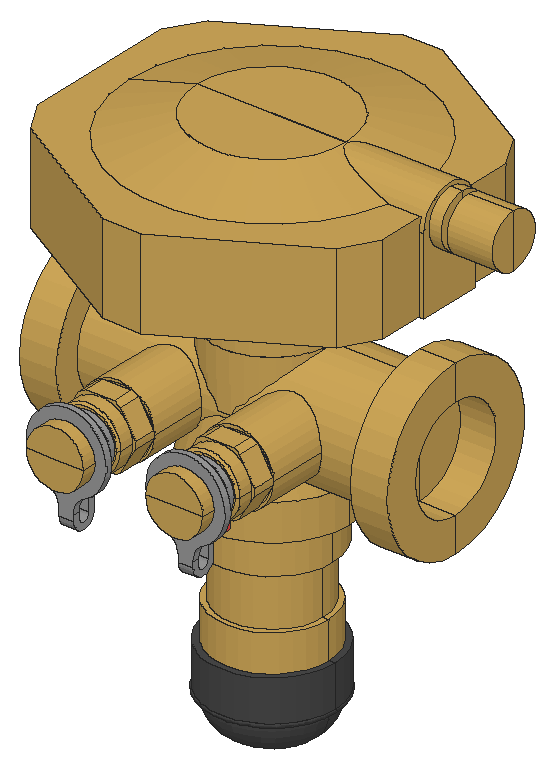
Revit family "Kombiventil 4206_M", category Rohrzubehör, Revit 2018
Family settings
  Bemaßung runder Anschluss = Durchmesser verwenden
  Teiletyp = Unterbricht
  OmniClass-Nummer = 23.65.55.14
  OmniClass-Titel = Valves for Liquid Services
  Arbeitsebenenbasiert = Nein
  Immer vertikal = Ja
  Beim Laden mit Abzugskörper schneiden = Nein
  Gemeinsam genutzt = Nein
Parameters
  min.Betriebstemperatur (Frostschutz) = -20 °C  # constant formula
  max.Betriebstemperatur bis DN32 = 130 °C  # constant formula
  max.Betriebstemperatur ab DN40 = 110 °C  # constant formula
  max.Betriebsdruck = 2500000.0 Pa  # constant formula
  URL = "www.herz-armaturen.at"
  Stift = "Edelstahl 14301"  # constant formula
  SCRNSEQ = "ARM;ARM_TYP=\"DURR\";2"
  SCRNCODE = "05;04;02"  # constant formula
  S03 [instance] = H08 + (S02 / 2)  # 46.750 mm
  S02 [instance] = H09 + 4.700 mm  # 26.500 mm
  S01 [instance] = G01 * 2  # 42.000 mm
  R12 = 3.900 mm  # constant formula
  R11 = 6.500 mm  # constant formula
  R10 = 35.000 mm  # constant formula
  R09 = 18.250 mm  # constant formula
  R08 = 11.300 mm  # constant formula
  R07 [instance] = size_lookup("4206M_", "R7", 17.300 mm, Nennweite)  # 17.300 mm
  R06 [instance] = size_lookup("4206M_", "R6", 19.000 mm, Nennweite)  # 19.000 mm
  R05 = 15.000 mm  # constant formula
  R04 = 12.500 mm  # constant formula
  R02 [instance] = size_lookup("4206M_", "R2", 15.000 mm, Nennweite)  # 15.000 mm
  R01 [instance] = size_lookup("4206M_", "R1", 11.500 mm, Nennweite)  # 14.800 mm
  PN = 25  # constant formula
  O-Ringe = "EPDM"  # constant formula
  Nennweite [instance] = 25.000 mm
  min.Betriebstemperatur (reines Wasser) = 2 °C  # constant formula
  Membrangehäuse = "Messing CW602N"  # constant formula
  Membrane = "EPDM"  # constant formula
  Medium = "Heizungswasserqualität nach ÖNORM H 5195 oder VDI-Richtline 2035.\r\nDie Verwendung von Ethylen- oder\nPropylenglykol in einem Mischungsverhältnis 25 - 50% ist zulässig."
  L06 [instance] = L00 / 2  # 45.000 mm
  L05 = 11.000 mm  # constant formula
  L04 = 1.500 mm  # constant formula
  L03 = 3.200 mm  # constant formula
  L02 = 43.500 mm  # constant formula
  L01 [instance] = size_lookup("4206M_", "L1", 8.000 mm, Nennweite)  # 8.900 mm
  L00 [instance] = size_lookup("4206M_", "L", 66.000 mm, Nennweite)  # 90.000 mm
  Impulsleitung = "Kupfer Cu-DHP (CW024A)"  # constant formula
  Hub = 4.000 mm  # constant formula
  Hersteller = "Herz-Armaturen GmbH"  # constant formula
  H13 [instance] = H02 - H05 - H03 - H04 - 2.000 mm  # 21.700 mm
  H12 = 19.250 mm  # constant formula
  H11 [instance] = size_lookup("4206M_", "H11", 59.000 mm, Nennweite)  # 60.000 mm
  H10 [instance] = H08 + H09  # 55.300 mm
  H09 = 21.800 mm  # constant formula
  H08 [instance] = H01 + H06 + H07  # 33.500 mm
  H07 = 4.000 mm  # constant formula
  H06 [instance] = size_lookup("4206M_", "H6", 10.000 mm, Nennweite)  # 10.000 mm
  H05 = 9.000 mm  # constant formula
  H04 [instance] = size_lookup("4206M_", "H4", 9.600 mm, Nennweite)  # 9.600 mm
  H03 [instance] = size_lookup("4206M_", "H3", 13.000 mm, Nennweite)  # 13.000 mm
  H02 [instance] = size_lookup("4206M_", "H2", 55.300 mm, Nennweite)  # 55.300 mm
  H01 [instance] = size_lookup("4206M_", "H1", 18.500 mm, Nennweite)  # 19.500 mm
  Gehäuse = "DZR Messing CC770S"  # constant formula
  G03 [instance] = Nennweite / 2  # 12.500 mm
  G02 [instance] = size_lookup("4206M_", "G2", 13.900 mm, Nennweite)  # 13.900 mm
  G01 [instance] = size_lookup("4206M_", "G1", 13.200 mm, Nennweite)  # 21.000 mm
  Druckfeder = "Federstahl"  # constant formula
  DN50 [instance] = Nennweite = 50.000 mm  # no
  DN40 [instance] = Nennweite = 40.000 mm  # no
  DN32 [instance] = Nennweite = 32.000 mm  # no
  DN25 [instance] = Nennweite = 25.000 mm  # yes
  DN20 [instance] = Nennweite = 20.000 mm  # no
  DN15 [instance] = Nennweite = 15.000 mm  # no
  Bestellnummer [instance] = size_lookup("4206M_", "Artnr", 0, Nennweite)  # 1420613
  Bauschutzkappe = "Kunststoff"  # constant formula
  Anwendungsgebiet = "Das Kombiventil wird in allen pumpenbetriebenen Heiz- und Kühlanlagen eingesetzt. Der Regler begrenzt automatisch\r\nden Volumenstrom im gewählten Anlagenteil auf den einmal eingestellten Wert, indem alle Druckschwankungen\r\ngemessen und ausgeregelt werden. Somit sind keine Messungen erforderlich und die Regelung ist bei allen\r\nBetriebsbedingungen effektiv. Das Kombiventil regelt den Volumenstrom der ventileigenen Voreinstellung auf einen\r\nkonstanten Wert; die Membran regelt aufgrund des Druckes unmittelbar nach dem Regeleinsatz, sowie des Druckes\r\ndavor."
Reference planes
  plane 1 "Mitte (Vorne/hinten)": y = 0
  plane 2: z = 0
  plane 3 "Mitte (Links/rechts)": x = 0
Forms (mm)
  Revolve 1, solid, material "Messing, weicher Gelbton, geschweißt", detail levels fine
    sketch origin (0, 0, 0) x (1, 0, 0) y (0, 0, 1)
      loop
        line (-36.1, 0) -> (36.1, 0) -> (36.1, 12.5) -> (45, 12.5) -> (45, 21) -> (36.1, 21) -> (36.1, 14.8) -> (-36.1, 14.8) -> (-36.1, 21) -> (-45, 21) -> (-45, 12.5) -> (-36.1, 12.5) -> (-36.1, 0)
      axis (-45, 0) -> (45, 0)
    angle from 0 to 360
  Revolve 2, solid, material "Messing, weicher Gelbton, geschweißt", detail levels fine
    sketch origin (0, 0, 0) x (1, 0, 0) y (0, 0, 1)
      loop
        line (0, -55.3) -> (0, 19.5) -> (-15, 19.5) -> (-15, 14.8) -> (-14.8, 0) -> (-19, -14.8) -> (-19, -23.7) -> (-15, -23.7) -> (-15, -33.3) -> (-12.5, -33.3) -> (-12.5, -46.3) -> (-13.9, -46.3) -> (-13.9, -55.3) -> (0, -55.3)
      axis (0, 19.5) -> (0, -55.3)
    angle from 0 to 360
  Revolve 3, solid, material "Messing, weicher Gelbton, geschweißt", detail levels fine
    sketch origin (0, 0, 0) x (1, 0, 0) y (0, 0, 1)
      loop
        line (0, 19.5) -> (0, 33.5) -> (-11.3, 33.5) -> (-11.3, 29.5) -> (-17.3, 29.5) -> (-17.3, 19.5) -> (0, 19.5)
      axis (0, 33.5) -> (0, 19.5)
    angle from 0 to 360
  Extrusion 4, solid, material "Messing, weicher Gelbton, geschweißt", detail levels fine
    sketch origin (0, 0, 0) x (0, -1, 0) y (1, 0, 0)
      loop
        line (-46, -4.75) -> (-27.114, -37.462) -> (-18.886, -42.212) -> (18.886, -42.212) -> (27.114, -37.462) -> (46, -4.75) -> (46, 4.75) -> (27.114, 37.462) -> (18.886, 42.212) -> (-18.886, 42.212) -> (-27.114, 37.462) -> (-46, 4.75) -> (-46, -4.75)
    from 33.5 to 55.3
  Revolve 5, solid, material "Messing, weicher Gelbton, geschweißt", detail levels fine
    sketch origin (0, 0, 0) x (1, 0, 0) y (0, 0, 1)
      loop
        line (0, 55.3) -> (0, 60) -> (-18.25, 60) -> (-35, 55.3) -> (0, 55.3)
      axis (0, 60) -> (0, 55.3)
    angle from 0 to 360
  Extrusion 6, solid, material "Messing, weicher Gelbton, geschweißt", detail levels fine
    sketch origin (0, 0, 0) x (0, 1, 0) y (0, 0, 1)
      loop
        arc (7.85, 52.15) -> (0, 60) -> (-7.85, 52.15) r 7.85
        line (-7.85, 52.15) -> (-7.85, 33.5) -> (7.85, 33.5) -> (7.85, 52.15)
    from 0 to 43.5
  Revolve 7, solid, material "Messing, weicher Gelbton, geschweißt", detail levels fine
    sketch origin (0, 0, 0) x (1, 0, 0) y (0, 0, 1)
      loop
        line (43.5, 52.75) -> (59.2, 52.75) -> (59.2, 59.25) -> (48.2, 59.25) -> (48.2, 56.65) -> (46.7, 56.65) -> (46.7, 59.25) -> (43.5, 59.25) -> (43.5, 52.75)
      axis (43.5, 52.75) -> (59.2, 52.75)
    angle from 0 to 360
  Revolve 8, solid, material "Messing, weicher Gelbton, geschweißt", visible <- "DN15", detail levels fine
    sketch origin (0, 0, 0) x (1, 0, 0) y (0, 1, 0)
      loop
        line (-12.5, 24) -> (-20.2, 24) -> (-20.2, 0) -> (-21.5, 0) -> (-21.5, -27) -> (-12.5, -27) -> (-12.5, 24)
      axis (-12.5, 24) -> (-12.5, -27)
    angle from 0 to 360
  Revolve 9, solid, material "Messing, weicher Gelbton, geschweißt", visible <- "DN15", detail levels fine
    sketch origin (-12.5, 0, 0) x (0, 1, 0) y (0, 0, 1)
      loop
        line (24, 0) -> (39.7, 0) -> (39.7, 6.5) -> (28.7, 6.5) -> (28.7, 3.9) -> (27.2, 3.9) -> (27.2, 6.5) -> (24, 6.5) -> (24, 0)
      axis (24, 0) -> (39.7, 0)
    angle from 0 to 360
  Revolve 10, solid, material "Messing, weicher Gelbton, geschweißt", visible <- "DN15", detail levels fine
    sketch origin (0, 0, 0) x (1, 0, 0) y (0, 1, 0)
      loop
        line (12.5, 0) -> (12.5, -27) -> (21.6, -27) -> (21.6, 0) -> (12.5, 0)
      axis (12.5, 0) -> (12.5, -27)
    angle from 0 to 360
  Revolve 11, solid, material "Messing, weicher Gelbton, geschweißt", visible <- "DN20", detail levels fine
    sketch origin (-2, 0, 0) x (1, 0, 0) y (0, 1, 0)
      loop
        line (-12.5, 27) -> (-20.2, 27) -> (-20.2, 0) -> (-21.5, 0) -> (-21.5, -29) -> (-12.5, -29) -> (-12.5, 27)
      axis (-12.5, 27) -> (-12.5, -29)
    angle from 0 to 360
  Revolve 12, solid, material "Messing, weicher Gelbton, geschweißt", visible <- "DN20", detail levels fine
    sketch origin (2, 0, 0) x (1, 0, 0) y (0, 1, 0)
      loop
        line (12.5, 0) -> (12.5, -29) -> (21.6, -29) -> (21.6, 0) -> (12.5, 0)
      axis (12.5, 0) -> (12.5, -29)
    angle from 0 to 360
  Revolve 13, solid, material "Messing, weicher Gelbton, geschweißt", visible <- "DN20", detail levels fine
    sketch origin (-14.5, 3, 0) x (0, 1, 0) y (0, 0, 1)
      loop
        line (24, 0) -> (39.7, 0) -> (39.7, 6.5) -> (28.7, 6.5) -> (28.7, 3.9) -> (27.2, 3.9) -> (27.2, 6.5) -> (24, 6.5) -> (24, 0)
      axis (24, 0) -> (39.7, 0)
    angle from 0 to 360
  Revolve 14, solid, material "Messing, weicher Gelbton, geschweißt", visible <- "DN25", detail levels fine
    sketch origin (-2.1, 0, 0) x (1, 0, 0) y (0, 1, 0)
      loop
        line (-12.5, 27) -> (-20.2, 27) -> (-20.2, 0) -> (-21.5, 0) -> (-21.5, -29) -> (-12.5, -29) -> (-12.5, 27)
      axis (-12.5, 27) -> (-12.5, -29)
    angle from 0 to 360
  Revolve 15, solid, material "Messing, weicher Gelbton, geschweißt", visible <- "DN25", detail levels fine
    sketch origin (-14.6, 3, 0) x (0, 1, 0) y (0, 0, 1)
      loop
        line (24, 0) -> (39.7, 0) -> (39.7, 6.5) -> (28.7, 6.5) -> (28.7, 3.9) -> (27.2, 3.9) -> (27.2, 6.5) -> (24, 6.5) -> (24, 0)
      axis (24, 0) -> (39.7, 0)
    angle from 0 to 360
  Revolve 16, solid, material "Messing, weicher Gelbton, geschweißt", visible <- "DN25", detail levels fine
    sketch origin (2.1, 0, 0) x (1, 0, 0) y (0, 1, 0)
      loop
        line (12.5, 0) -> (12.5, -29) -> (21.6, -29) -> (21.6, 0) -> (12.5, 0)
      axis (12.5, 0) -> (12.5, -29)
    angle from 0 to 360
  Revolve 17, solid, material "Messing, weicher Gelbton, geschweißt", visible <- "DN32", detail levels fine
    sketch origin (0, 0, 0.637) x (1, 0, 0) y (0, 0, 1)
      loop
        line (-31.5, -0.637) -> (-40.5, -0.637) -> (-40.5, -43.437) -> (-31.5, -43.437) -> (-31.5, -0.637)
      axis (-31.5, -43.437) -> (-31.5, -0.637)
    angle from 0 to 360
  Revolve 18, solid, material "Messing, weicher Gelbton, geschweißt", visible <- "DN32", detail levels fine
    sketch origin (0, 0, 0.637) x (-1, 0, 0) y (0, 0, 1)
      loop
        line (-31.5, -0.637) -> (-40.5, -0.637) -> (-40.5, -43.437) -> (-31.5, -43.437) -> (-31.5, -0.637)
      axis (-31.5, -43.437) -> (-31.5, -0.637)
    angle from 0 to 360
  Revolve 19, solid, material "Messing, weicher Gelbton, geschweißt", visible <- "DN40", detail levels fine
    sketch origin (0, 0, 0) x (1, 0, 0) y (0, 0, 1)
      loop
        line (-37, 0) -> (-46, 0) -> (-46, -54.2) -> (-37, -54.2) -> (-37, 0)
      axis (-37, 0) -> (-37, -54.2)
    angle from 0 to 360
  Revolve 20, solid, material "Messing, weicher Gelbton, geschweißt", visible <- "DN40", detail levels fine
    sketch origin (0, 0, 0) x (-1, 0, 0) y (0, 0, 1)
      loop
        line (-37, 0) -> (-46, 0) -> (-46, -54.2) -> (-37, -54.2) -> (-37, 0)
      axis (-37, 0) -> (-37, -54.2)
    angle from 0 to 360
  Revolve 21, solid, material "Messing, weicher Gelbton, geschweißt", visible <- "DN50", detail levels fine
    sketch origin (-0.1, 0, 0) x (1, 0, 0) y (0, 0, 1)
      loop
        line (-37, 0) -> (-46, 0) -> (-46, -54.2) -> (-37, -54.2) -> (-37, 0)
      axis (-37, 0) -> (-37, -54.2)
    angle from 0 to 360
  Revolve 22, solid, material "Messing, weicher Gelbton, geschweißt", visible <- "DN50", detail levels fine
    sketch origin (0.1, 0, 0) x (-1, 0, 0) y (0, 0, 1)
      loop
        line (-37, 0) -> (-46, 0) -> (-46, -54.2) -> (-37, -54.2) -> (-37, 0)
      axis (-37, 0) -> (-37, -54.2)
    angle from 0 to 360
  Revolve 23, solid, material "Messing, weicher Gelbton, geschweißt", visible <- "DN32", detail levels fine
    sketch origin (-9.5, 0, 0) x (1, 0, 0) y (0, 1, 0)
      loop
        line (-12.5, -31) -> (-12.5, 0) -> (-20.2, 0) -> (-20.2, -31) -> (-12.5, -31)
      axis (-12.5, 0) -> (-12.5, -31)
    angle from 0 to 360
  Revolve 24, solid, material "Messing, weicher Gelbton, geschweißt", visible <- "DN32", detail levels fine
    sketch origin (-22, -7, 0) x (0, -1, 0) y (0, 0, -1)
      loop
        line (24, 0) -> (24, -6.5) -> (27.2, -6.5) -> (27.2, -3.9) -> (28.7, -3.9) -> (28.7, -6.5) -> (39.7, -6.5) -> (39.7, 0) -> (24, 0)
      axis (24, 0) -> (39.7, 0)
    angle from 0 to 360
  Revolve 25, solid, material "Messing, weicher Gelbton, geschweißt", visible <- "DN40", detail levels fine
    sketch origin (-17.5, 0, 0) x (1, 0, 0) y (0, 1, 0)
      loop
        line (-12.5, -39.5) -> (-12.5, 0) -> (-20.2, 0) -> (-20.2, -39.5) -> (-12.5, -39.5)
      axis (-12.5, 0) -> (-12.5, -39.5)
    angle from 0 to 360
  Revolve 26, solid, material "Messing, weicher Gelbton, geschweißt", visible <- "DN40", detail levels fine
    sketch origin (-30, -15.5, 0) x (0, -1, 0) y (0, 0, -1)
      loop
        line (24, 0) -> (24, -6.5) -> (27.2, -6.5) -> (27.2, -3.9) -> (28.7, -3.9) -> (28.7, -6.5) -> (39.7, -6.5) -> (39.7, 0) -> (24, 0)
      axis (24, 0) -> (39.7, 0)
    angle from 0 to 360
  Revolve 27, solid, material "Messing, weicher Gelbton, geschweißt", visible <- "DN50", detail levels fine
    sketch origin (-17.6, 0, 0) x (1, 0, 0) y (0, 1, 0)
      loop
        line (-12.5, -39.5) -> (-12.5, 0) -> (-20.2, 0) -> (-20.2, -39.5) -> (-12.5, -39.5)
      axis (-12.5, 0) -> (-12.5, -39.5)
    angle from 0 to 360
  Revolve 28, solid, material "Messing, weicher Gelbton, geschweißt", visible <- "DN50", detail levels fine
    sketch origin (-30.1, -15.5, 0) x (0, -1, 0) y (0, 0, -1)
      loop
        line (24, 0) -> (24, -6.5) -> (27.2, -6.5) -> (27.2, -3.9) -> (28.7, -3.9) -> (28.7, -6.5) -> (39.7, -6.5) -> (39.7, 0) -> (24, 0)
      axis (24, 0) -> (39.7, 0)
    angle from 0 to 360
Lines and regions (mm)
  model lines, detail levels coarse+medium
    curve 1: line (-45, 0, 21) -> (-45, 0, -21)
    curve 2: line (-45, 0, -21) -> (45, 0, 21)
    curve 3: line (45, 0, 21) -> (45, 0, -21)
    curve 4: line (45, 0, -21) -> (-45, 0, 21)
    curve 5: line (0, 0, 19.5) -> (0, 0, 33.5)
    curve 6: spline (-43.5, 0, 46.75) -> (-42.018, 0, 50.179) -> (-37.672, 0, 53.375) -> (-30.759, 0, 56.119) -> (-21.75, 0, 58.225) -> (-11.259, 0, 59.549) -> (0, 0, 60) -> (11.259, 0, 59.549) -> (21.75, 0, 58.225) -> (30.759, 0, 56.119) -> (37.672, 0, 53.375) -> (42.018, 0, 50.179) -> (43.5, 0, 46.75) -> (42.018, 0, 43.321) -> (37.672, 0, 40.125) -> (30.759, 0, 37.381) -> (21.75, 0, 35.275) -> (11.259, 0, 33.951) -> (0, 0, 33.5) -> (-11.259, 0, 33.951) -> (-21.75, 0, 35.275) -> (-30.759, 0, 37.381) -> (-37.672, 0, 40.125) -> (-42.018, 0, 43.321) -> (-43.5, 0, 46.75)
    curve 7: line (-45, 21, 0) -> (-45, -21, 0)
    curve 8: line (-45, -21, 0) -> (45, 21, 0)
    curve 9: line (45, 21, 0) -> (45, -21, 0)
    curve 10: line (45, -21, 0) -> (-45, 21, 0)
    curve 11: line (0, -19.5, 0) -> (0, -33.5, 0)
    curve 12: spline (-43.5, -46.75, 0) -> (-42.018, -50.179, 0) -> (-37.672, -53.375, 0) -> (-30.759, -56.119, 0) -> (-21.75, -58.225, 0) -> (-11.259, -59.549, 0) -> (0, -60, 0) -> (11.259, -59.549, 0) -> (21.75, -58.225, 0) -> (30.759, -56.119, 0) -> (37.672, -53.375, 0) -> (42.018, -50.179, 0) -> (43.5, -46.75, 0) -> (42.018, -43.321, 0) -> (37.672, -40.125, 0) -> (30.759, -37.381, 0) -> (21.75, -35.275, 0) -> (11.259, -33.951, 0) -> (0, -33.5, 0) -> (-11.259, -33.951, 0) -> (-21.75, -35.275, 0) -> (-30.759, -37.381, 0) -> (-37.672, -40.125, 0) -> (-42.018, -43.321, 0) -> (-43.5, -46.75, 0)
    curve 13: line (0, 0, 19.5) -> (-22.5, 0, 10.5)
    curve 14: line (0, 0, 19.5) -> (22.5, 0, 10.5)
    curve 15: line (0, -19.5, 0) -> (-22.5, -10.5, 0)
    curve 16: line (0, -19.5, 0) -> (22.5, -10.5, 0)
Dimensions and locks
  equal spacing: Revolve 1 sketch curve, plane 3 "Mitte (Links/rechts)", Revolve 1 sketch curve
  "L00": Revolve 1 sketch curve to Revolve 1 sketch curve
  "G01": Revolve 1 sketch curve to Revolve 1 sketch curve  (x2)
  "R01": Revolve 1 sketch curve to Revolve 1 sketch curve
  "L01": Revolve 1 sketch curve to Revolve 1 sketch curve  (x4)
  "H01": Revolve 2 sketch curve to plane 2
  "R01": Revolve 2 sketch curve to plane 2
  "R02": Revolve 2 sketch curve to Revolve 2 sketch curve
  "R01": Revolve 2 sketch curve to Revolve 2 sketch curve
  "H02": plane 2 to Revolve 2 sketch curve
  "G02": plane 3 "Mitte (Links/rechts)" to Revolve 2 sketch curve
  "H05": Revolve 2 sketch curve to Revolve 2 sketch curve
  "R04": Revolve 2 sketch curve to Revolve 2 sketch curve
  "R05": Revolve 2 sketch curve to Revolve 2 sketch curve
  "R06": Revolve 2 sketch curve to Revolve 2 sketch curve
  "R01": plane 2 to Revolve 2 sketch curve
  "H03": Revolve 2 sketch curve to Revolve 2 sketch curve
  "H04": Revolve 2 sketch curve to Revolve 2 sketch curve
  "H01": Revolve 3 sketch curve to plane 2
  "H06": Revolve 3 sketch curve to Revolve 3 sketch curve
  "R07": Revolve 3 sketch curve to Revolve 3 sketch curve
  "H07": Revolve 3 sketch curve to Revolve 3 sketch curve
  "R08": Revolve 3 sketch curve to Revolve 3 sketch curve
  "H08": Extrusion 4 to plane 2
  "H09": Extrusion 4 to Extrusion 4
  "H10": Revolve 5 sketch curve to plane 2
  "H11": Revolve 5 sketch curve to plane 2
  "R09": Revolve 5 sketch curve to Revolve 5 sketch curve
  "R10": Revolve 5 sketch curve to Revolve 5 sketch curve
  "L02": Extrusion 6 to plane 3 "Mitte (Links/rechts)"
  "H08": Extrusion 6 to plane 2
  "H12": Revolve 7 sketch curve to Extrusion 4
  "R11": Revolve 7 sketch curve to Revolve 7 sketch curve  (x2)
  "L03": Revolve 7 sketch curve to Revolve 7 sketch curve
  "L04": Revolve 7 sketch curve to Revolve 7 sketch curve
  "L05": Revolve 7 sketch curve to Revolve 7 sketch curve
  "R12": Revolve 7 sketch curve to Revolve 7 sketch curve
  "R11": Revolve 9 sketch curve to Revolve 9 sketch curve  (x2)
  "L03": Revolve 9 sketch curve to Revolve 9 sketch curve
  "L04": Revolve 9 sketch curve to Revolve 9 sketch curve
  "L05": Revolve 9 sketch curve to Revolve 9 sketch curve
  "R12": Revolve 9 sketch curve to Revolve 9 sketch curve
  "R06": plane 1 "Mitte (Vorne/hinten)" to nested 1
  Revolve 11 sketch curve to plane 1 "Mitte (Vorne/hinten)" = 29.000 mm
  plane 1 "Mitte (Vorne/hinten)" to Revolve 11 sketch curve = 27.000 mm
  Revolve 12 sketch curve to plane 1 "Mitte (Vorne/hinten)" = 29.000 mm
  "R11": Revolve 13 sketch curve to Revolve 13 sketch curve  (x2)
  "L03": Revolve 13 sketch curve to Revolve 13 sketch curve
  "L04": Revolve 13 sketch curve to Revolve 13 sketch curve
  "L05": Revolve 13 sketch curve to Revolve 13 sketch curve
  "R12": Revolve 13 sketch curve to Revolve 13 sketch curve
  "H13": plane 2 to nested 1
  "R11": Revolve 15 sketch curve to Revolve 15 sketch curve  (x2)
  "L03": Revolve 15 sketch curve to Revolve 15 sketch curve
  "L04": Revolve 15 sketch curve to Revolve 15 sketch curve
  "L05": Revolve 15 sketch curve to Revolve 15 sketch curve
  "R12": Revolve 15 sketch curve to Revolve 15 sketch curve
  plane 3 "Mitte (Links/rechts)" to Revolve 17 sketch curve = 31.500 mm
  Revolve 17 sketch curve to Revolve 17 sketch curve = 9.000 mm
  plane 2 to Revolve 17 sketch curve = 42.800 mm
  Revolve 18 sketch curve to Revolve 18 sketch curve = 9.000 mm
  "H02": plane 2 to nested 2
  "G03": Revolve 1 sketch curve to plane 2  (x2)
  "S01": curve 4 to curve 2
  equal spacing: curve 4, plane 2, curve 2
  "S01": curve 3 to curve 4
  equal spacing: curve 3, plane 2, curve 4
  equal spacing: curve 1, plane 3 "Mitte (Links/rechts)", curve 3
  "L00": curve 1 to curve 3
  "H08": curve 5 to plane 2
  "S02": curve 6 to curve 6
  "L02": curve 6 to plane 3 "Mitte (Links/rechts)" to curve 6
  equal spacing: curve 7, plane 3 "Mitte (Links/rechts)", curve 9
  "L00": curve 7 to curve 9
  "S01": curve 10 to curve 8
  equal spacing: curve 8, plane 1 "Mitte (Vorne/hinten)", curve 10
  equal spacing: curve 10, plane 1 "Mitte (Vorne/hinten)", curve 9
  "S01": curve 9 to curve 10
  "H08": curve 11 to plane 1 "Mitte (Vorne/hinten)"
  "S03": curve 6 to plane 2
  "S02": curve 12 to curve 12
  "L02": curve 12 to plane 3 "Mitte (Links/rechts)" to curve 12
  "S03": curve 12 to plane 1 "Mitte (Vorne/hinten)"
  equal spacing: plane 3 "Mitte (Links/rechts)", curve 13, curve 4
  equal spacing: curve 3, curve 14, plane 3 "Mitte (Links/rechts)"
  equal spacing: plane 3 "Mitte (Links/rechts)", curve 15, curve 8
  equal spacing: curve 10, curve 16, plane 3 "Mitte (Links/rechts)"
  "H01": curve 14 to plane 2
  "H01": curve 16 to plane 1 "Mitte (Vorne/hinten)"
  "R11": Revolve 24 sketch curve to Revolve 24 sketch curve  (x2)
  "L03": Revolve 24 sketch curve to Revolve 24 sketch curve
  "L04": Revolve 24 sketch curve to Revolve 24 sketch curve
  "L05": Revolve 24 sketch curve to Revolve 24 sketch curve
  "R12": Revolve 24 sketch curve to Revolve 24 sketch curve
  Revolve 23 sketch curve to Revolve 23 sketch curve = 31.000 mm
  "R11": Revolve 26 sketch curve to Revolve 26 sketch curve  (x2)
  "L03": Revolve 26 sketch curve to Revolve 26 sketch curve
  "L04": Revolve 26 sketch curve to Revolve 26 sketch curve
  "L05": Revolve 26 sketch curve to Revolve 26 sketch curve
  "R12": Revolve 26 sketch curve to Revolve 26 sketch curve
  Revolve 25 sketch curve to Revolve 25 sketch curve = 39.500 mm
  "R11": Revolve 28 sketch curve to Revolve 28 sketch curve  (x2)
  "L03": Revolve 28 sketch curve to Revolve 28 sketch curve
  "L04": Revolve 28 sketch curve to Revolve 28 sketch curve
  "L05": Revolve 28 sketch curve to Revolve 28 sketch curve
  "R12": Revolve 28 sketch curve to Revolve 28 sketch curve
  Revolve 27 sketch curve to Revolve 27 sketch curve = 39.500 mm
  aligned and locked: level to plane 2
Automatic sketch dimensions
  plane 3 "Mitte (Links/rechts)" to Extrusion 4 sketch curve = 4.750 mm  (x2)
  Extrusion 4 sketch curve to plane 1 "Mitte (Vorne/hinten)" = 46.000 mm
  Extrusion 4 sketch curve to plane 1 "Mitte (Vorne/hinten)" = 27.114 mm  (x2)
  Extrusion 4 sketch curve to Extrusion 4 sketch curve = 8.227 mm  (x4)
  plane 1 "Mitte (Vorne/hinten)" to Extrusion 4 sketch curve = 18.886 mm  (x2)
  Extrusion 4 sketch curve to Extrusion 4 sketch curve = 18.886 mm
  Extrusion 4 sketch curve to plane 3 "Mitte (Links/rechts)" = 4.750 mm  (x2)
  Extrusion 4 sketch curve to plane 3 "Mitte (Links/rechts)" = 37.462 mm  (x2)
  Extrusion 4 sketch curve to Extrusion 4 sketch curve = 4.750 mm  (x2)
  plane 3 "Mitte (Links/rechts)" to Extrusion 4 sketch curve = 37.462 mm  (x2)
  Extrusion 6 sketch curve to plane 1 "Mitte (Vorne/hinten)" = 0.000 mm
  plane 1 "Mitte (Vorne/hinten)" to Extrusion 6 sketch curve = 7.850 mm
  level to Extrusion 6 sketch curve = 33.500 mm
  Extrusion 6 sketch curve to Extrusion 6 sketch curve = 18.650 mm
  Extrusion 6 sketch curve to Extrusion 6 sketch curve = 0.000 mm
  plane 1 "Mitte (Vorne/hinten)" to Revolve 8 sketch curve = 0.000 mm
  Revolve 8 sketch curve to plane 3 "Mitte (Links/rechts)" = 21.500 mm
  Revolve 8 sketch curve to plane 3 "Mitte (Links/rechts)" = 20.200 mm
  Revolve 8 sketch curve to Revolve 8 sketch curve = 7.700 mm
  plane 1 "Mitte (Vorne/hinten)" to Revolve 8 sketch curve = 27.000 mm
  Revolve 8 sketch curve to plane 1 "Mitte (Vorne/hinten)" = 24.000 mm
  Revolve 8 sketch curve to Revolve 8 sketch curve = 0.000 mm  (x3)
  plane 1 "Mitte (Vorne/hinten)" to Revolve 10 sketch curve = 0.000 mm  (x2)
  plane 3 "Mitte (Links/rechts)" to Revolve 10 sketch curve = 12.500 mm
  Revolve 10 sketch curve to Revolve 10 sketch curve = 9.100 mm
  plane 1 "Mitte (Vorne/hinten)" to Revolve 10 sketch curve = 27.000 mm
  Revolve 10 sketch curve to Revolve 10 sketch curve = 0.000 mm  (x2)
  plane 1 "Mitte (Vorne/hinten)" to Revolve 11 sketch curve = 0.000 mm
  Revolve 11 sketch curve to plane 3 "Mitte (Links/rechts)" = 23.500 mm
  Revolve 11 sketch curve to plane 3 "Mitte (Links/rechts)" = 22.200 mm
  Revolve 11 sketch curve to Revolve 11 sketch curve = 7.700 mm
  Revolve 11 sketch curve to Revolve 11 sketch curve = 0.000 mm
  Revolve 11 sketch curve to Revolve 11 sketch curve = 2.000 mm
  Revolve 11 sketch curve to Revolve 11 sketch curve = 3.000 mm
  plane 1 "Mitte (Vorne/hinten)" to Revolve 12 sketch curve = 0.000 mm  (x2)
  plane 3 "Mitte (Links/rechts)" to Revolve 12 sketch curve = 14.500 mm
  Revolve 12 sketch curve to Revolve 12 sketch curve = 9.100 mm
  Revolve 12 sketch curve to Revolve 12 sketch curve = 0.000 mm
  Revolve 12 sketch curve to Revolve 12 sketch curve = 2.000 mm
  plane 1 "Mitte (Vorne/hinten)" to Revolve 14 sketch curve = 0.000 mm
  Revolve 14 sketch curve to plane 3 "Mitte (Links/rechts)" = 23.600 mm
  Revolve 14 sketch curve to plane 3 "Mitte (Links/rechts)" = 22.300 mm
  Revolve 14 sketch curve to Revolve 14 sketch curve = 7.700 mm
  plane 1 "Mitte (Vorne/hinten)" to Revolve 14 sketch curve = 29.000 mm
  Revolve 14 sketch curve to Revolve 14 sketch curve = 27.000 mm
  Revolve 14 sketch curve to Revolve 14 sketch curve = 0.000 mm
  Revolve 14 sketch curve to Revolve 14 sketch curve = 2.000 mm
  Revolve 14 sketch curve to Revolve 14 sketch curve = 3.000 mm
  plane 1 "Mitte (Vorne/hinten)" to Revolve 16 sketch curve = 0.000 mm  (x2)
  plane 3 "Mitte (Links/rechts)" to Revolve 16 sketch curve = 14.600 mm
  Revolve 16 sketch curve to Revolve 16 sketch curve = 9.100 mm
  Revolve 16 sketch curve to Revolve 16 sketch curve = 29.000 mm
  Revolve 16 sketch curve to Revolve 16 sketch curve = 0.000 mm
  Revolve 16 sketch curve to Revolve 16 sketch curve = 2.000 mm
  Revolve 17 sketch curve to level = 0.000 mm
  Revolve 17 sketch curve to Revolve 17 sketch curve = 0.000 mm
  Revolve 17 sketch curve to Revolve 17 sketch curve = 4.238 mm
  level to Revolve 17 sketch curve = 0.637 mm
  Revolve 18 sketch curve to level = 0.000 mm
  Revolve 18 sketch curve to plane 3 "Mitte (Links/rechts)" = 40.500 mm
  level to Revolve 18 sketch curve = 42.800 mm
  Revolve 18 sketch curve to Revolve 18 sketch curve = 0.000 mm
  Revolve 18 sketch curve to Revolve 18 sketch curve = 4.238 mm
  Revolve 18 sketch curve to level = 0.637 mm
  Revolve 19 sketch curve to level = 0.000 mm  (x2)
  Revolve 19 sketch curve to plane 3 "Mitte (Links/rechts)" = 46.000 mm
  Revolve 19 sketch curve to Revolve 19 sketch curve = 9.000 mm
  Revolve 19 sketch curve to level = 54.200 mm
  Revolve 19 sketch curve to Revolve 19 sketch curve = 0.000 mm  (x2)
  Revolve 20 sketch curve to level = 0.000 mm  (x2)
  Revolve 20 sketch curve to plane 3 "Mitte (Links/rechts)" = 46.000 mm
  Revolve 20 sketch curve to Revolve 20 sketch curve = 9.000 mm
  level to Revolve 20 sketch curve = 54.200 mm
  Revolve 20 sketch curve to Revolve 20 sketch curve = 0.000 mm  (x2)
  Revolve 21 sketch curve to level = 0.000 mm  (x2)
  Revolve 21 sketch curve to plane 3 "Mitte (Links/rechts)" = 46.100 mm
  Revolve 21 sketch curve to Revolve 21 sketch curve = 9.000 mm
  Revolve 21 sketch curve to Revolve 21 sketch curve = 54.200 mm
  Revolve 21 sketch curve to Revolve 21 sketch curve = 0.000 mm  (x2)
  Revolve 22 sketch curve to level = 0.000 mm  (x2)
  Revolve 22 sketch curve to plane 3 "Mitte (Links/rechts)" = 46.100 mm
  Revolve 22 sketch curve to Revolve 22 sketch curve = 9.000 mm
  Revolve 22 sketch curve to Revolve 22 sketch curve = 54.200 mm
  Revolve 22 sketch curve to Revolve 22 sketch curve = 0.000 mm  (x2)
  plane 1 "Mitte (Vorne/hinten)" to Revolve 23 sketch curve = 0.000 mm  (x2)
  Revolve 23 sketch curve to plane 3 "Mitte (Links/rechts)" = 29.700 mm
  Revolve 23 sketch curve to Revolve 23 sketch curve = 7.700 mm
  Revolve 23 sketch curve to Revolve 23 sketch curve = 0.000 mm
  Revolve 23 sketch curve to Revolve 23 sketch curve = 7.000 mm
  plane 1 "Mitte (Vorne/hinten)" to Revolve 25 sketch curve = 0.000 mm  (x2)
  Revolve 25 sketch curve to plane 3 "Mitte (Links/rechts)" = 37.700 mm
  Revolve 25 sketch curve to Revolve 25 sketch curve = 7.700 mm
  Revolve 25 sketch curve to Revolve 25 sketch curve = 0.000 mm
  Revolve 25 sketch curve to Revolve 25 sketch curve = 15.500 mm
  plane 1 "Mitte (Vorne/hinten)" to Revolve 27 sketch curve = 0.000 mm  (x2)
  Revolve 27 sketch curve to plane 3 "Mitte (Links/rechts)" = 37.800 mm
  Revolve 27 sketch curve to Revolve 27 sketch curve = 7.700 mm
  Revolve 27 sketch curve to Revolve 27 sketch curve = 0.000 mm
  Revolve 27 sketch curve to Revolve 27 sketch curve = 15.500 mm
  curve 13 to plane 3 "Mitte (Links/rechts)" = 0.000 mm
  curve 15 to plane 3 "Mitte (Links/rechts)" = 0.000 mm
  Revolve 1 sketch curve to level = 0.000 mm  (x2)
  Revolve 1 sketch curve to Revolve 1 sketch curve = 0.000 mm
  Revolve 1 sketch curve to Revolve 1 sketch curve = 1806.148 mm
  Revolve 2 sketch curve to level = 0.000 mm
  Revolve 2 sketch curve to plane 3 "Mitte (Links/rechts)" = 0.000 mm  (x2)
  Revolve 2 sketch curve to Revolve 2 sketch curve = 310.745 mm
  Revolve 2 sketch curve to Revolve 2 sketch curve = 2195.815 mm
  Revolve 3 sketch curve to plane 3 "Mitte (Links/rechts)" = 0.000 mm  (x2)
  Revolve 3 sketch curve to level = 366.045 mm
  Revolve 3 sketch curve to Revolve 3 sketch curve = 2178.815 mm
  Revolve 5 sketch curve to plane 3 "Mitte (Links/rechts)" = 0.000 mm  (x2)
  Revolve 5 sketch curve to level = 366.045 mm
  Revolve 5 sketch curve to Revolve 5 sketch curve = 2155.315 mm
  plane 3 "Mitte (Links/rechts)" to Revolve 7 sketch curve = 43.500 mm
  Revolve 7 sketch curve to Revolve 7 sketch curve = 0.000 mm  (x3)
  Revolve 9 sketch curve to level = 0.000 mm  (x2)
  Revolve 9 sketch curve to plane 1 "Mitte (Vorne/hinten)" = 24.000 mm
  Revolve 9 sketch curve to Revolve 9 sketch curve = 0.000 mm  (x2)
  Revolve 13 sketch curve to level = 0.000 mm  (x2)
  Revolve 13 sketch curve to plane 1 "Mitte (Vorne/hinten)" = 27.000 mm
  Revolve 13 sketch curve to Revolve 13 sketch curve = 0.000 mm  (x2)
  Revolve 15 sketch curve to level = 0.000 mm  (x2)
  Revolve 15 sketch curve to plane 1 "Mitte (Vorne/hinten)" = 27.000 mm
  Revolve 15 sketch curve to Revolve 15 sketch curve = 0.000 mm  (x2)
  Revolve 24 sketch curve to level = 0.000 mm  (x2)
  plane 1 "Mitte (Vorne/hinten)" to Revolve 24 sketch curve = 31.000 mm
  Revolve 24 sketch curve to Revolve 24 sketch curve = 0.000 mm  (x2)
  Revolve 26 sketch curve to level = 0.000 mm  (x2)
  plane 1 "Mitte (Vorne/hinten)" to Revolve 26 sketch curve = 39.500 mm
  Revolve 26 sketch curve to Revolve 26 sketch curve = 0.000 mm  (x2)
  Revolve 28 sketch curve to level = 0.000 mm  (x2)
  plane 1 "Mitte (Vorne/hinten)" to Revolve 28 sketch curve = 39.500 mm
  Revolve 28 sketch curve to Revolve 28 sketch curve = 0.000 mm  (x2)
Nested families
  nested 1: "Herz-Logo-vorne" at (-0.018, -19, -17.2) x (0, 1, 0) z (0, 0, 1), type "Herz-Logo-vorne", detail levels fine
  nested 2: "Bauschutzkappe für Kombiventil" at (0, 0, -55.3), type "Bauschutzkappe für Kombiventil", detail levels fine
  nested 3: "Messstutzen_Band_Eintritt" at (-14.5, -11.5, 0), visible <- "DN20", type "Messstutzen_Band_Eintritt"
    with Schutzkappe yes, Nennweite 0.000 mm, Gewicht 0.00 kg, Bestellnummer 0
  nested 4: "Messstutzen_Band_Eintritt" at (-14.6, -11.5, 0), visible <- "DN25", type "Messstutzen_Band_Eintritt"
    with Schutzkappe yes, Nennweite 0.000 mm, Gewicht 0.00 kg, Bestellnummer 0
  nested 5: "Messstutzen_Band_Eintritt" at (-12.5, -9.5, 0), visible <- "DN15", type "Messstutzen_Band_Eintritt"
    with Schutzkappe yes, Nennweite 0.000 mm, Gewicht 0.00 kg, Bestellnummer 0
  nested 6: "Messstutzen_Band_Austritt" at (12.5, -9.5, 0), visible <- "DN15", type "Messstutzen_Band_Austritt"
    with Schutzkappe yes, Nennweite 0.000 mm, Gewicht 0.00 kg, Bestellnummer 0
  nested 7: "Messstutzen_Band_Austritt" at (14.6, -11.5, 0), visible <- "DN25", type "Messstutzen_Band_Austritt"
    with Schutzkappe yes, Nennweite 0.000 mm, Gewicht 0.00 kg, Bestellnummer 0
  nested 8: "Messstutzen_Band_Austritt" at (14.5, -11.5, 0), visible <- "DN20", type "Messstutzen_Band_Austritt"
    with Schutzkappe yes, Nennweite 0.000 mm, Gewicht 0.00 kg, Bestellnummer 0
  nested 9: "Messstutzen_Band_Eintritt_senkrecht" at (-37, 0, -36.7), visible <- "DN40", type "Messstutzen_Band_Eintritt_senkrecht"
    with Schutzkappe yes, Nennweite 0.000 mm, Gewicht 0.00 kg, Bestellnummer 0
  nested 10: "Messstutzen_Band_Eintritt_senkrecht" at (-37.1, 0, -36.7), visible <- "DN50", type "Messstutzen_Band_Eintritt_senkrecht"
    with Schutzkappe yes, Nennweite 0.000 mm, Gewicht 0.00 kg, Bestellnummer 0
  nested 11: "Messstutzen_Band_Eintritt_senkrecht" at (-31.5, 0, -25.3), visible <- "DN32", type "Messstutzen_Band_Eintritt_senkrecht"
    with Schutzkappe yes, Nennweite 0.000 mm, Gewicht 0.00 kg, Bestellnummer 0
  nested 12: "Messstutzen_Band_Austritt_senkrecht" at (31.5, 0, -25.3), visible <- "DN32", type "Messstutzen_Band_Austritt_senkrecht"
    with Schutzkappe yes, Nennweite 0.000 mm, Gewicht 0.00 kg, Bestellnummer 0
  nested 13: "Messstutzen_Band_Austritt_senkrecht" at (37.1, 0, -36.7), visible <- "DN50", type "Messstutzen_Band_Austritt_senkrecht"
    with Schutzkappe yes, Nennweite 0.000 mm, Gewicht 0.00 kg, Bestellnummer 0
  nested 14: "Messstutzen_Band_Austritt_senkrecht" at (37, 0, -36.7), visible <- "DN40", type "Messstutzen_Band_Austritt_senkrecht"
    with Schutzkappe yes, Nennweite 0.000 mm, Gewicht 0.00 kg, Bestellnummer 0
Connectors
  piping at (-36.1, 0, 0), diameter 25, driven by "Nennweite"
    settings: on Revolve 1, index 1, connector inside diameter 609.6 mm, connector length 0.000 mm, flow factor 0, pipe flow 0.0 L/s, pressure drop 0.0 Pa, fitting loss kfactor 0, connector angle 0.00°, fixture units 0, engagement length 0.000 mm, angle of deflection 0.00°, flow configuration 0, flow direction 2, fitting loss method 0, system type 29, joint type 0, gender type 0, connector reference index -1, connector utility 0, adjustable connector no, is connector primary yes, connector description ""
  piping at (36.1, 0, 0), diameter 25, driven by "Nennweite"
    settings: on Revolve 1, index 2, connector inside diameter 609.6 mm, connector length 0.000 mm, flow factor 0, pipe flow 0.0 L/s, pressure drop 0.0 Pa, fitting loss kfactor 0, connector angle 0.00°, fixture units 0, engagement length 0.000 mm, angle of deflection 0.00°, flow configuration 0, flow direction 1, fitting loss method 0, system type 29, joint type 0, gender type 0, connector reference index -1, connector utility 0, adjustable connector no, is connector primary no, connector description ""
Definition of nested family "Herz-Logo-vorne"
  Reference planes
    plane 1 "Mitte (Vorne/hinten)": y = 0
    plane 2: z = 0
    plane 3 "Mitte (Links/rechts)": x = 0
  Forms (mm)
    Extrusion 1, solid
      sketch origin (0.732, -0.018, 0.017) x (0, -1, 0) y (0, 0, 1)
        loop
          line (-0.018, -4.517) -> (4.482, -4.517) -> (4.482, 4.483) -> (-4.518, 4.483) -> (-4.518, -4.517) -> (-0.018, -4.517)
        loop
          line (-0.05, -3.48) -> (3.482, -3.48) -> (3.482, 3.483) -> (-3.518, 3.483) -> (-3.518, -3.48) -> (-0.05, -3.48)
        loop
          arc (-0.018, 2.383) -> (-1.543, 3.287) -> (-3.067, 2.383) r 1.738
          arc (-3.067, 2.383) -> (-3.191, 1.899) -> (-3.067, 1.415) r 1.009
          line (-3.067, 1.415) -> (-0.018, -3.281) -> (3.032, 1.415)
          arc (3.032, 1.415) -> (3.156, 1.899) -> (3.032, 2.383) r 1.009
          arc (3.032, 2.383) -> (1.507, 3.287) -> (-0.018, 2.383) r 1.738
        loop
          arc (1.885, 1.272) -> (2.005, 1.675) -> (1.885, 2.079) r 0.74
          arc (1.885, 2.079) -> (1.265, 2.416) -> (0.644, 2.079) r 0.74
          line (0.644, 2.079) -> (-0.018, 0.97) -> (-0.679, 2.079)
          arc (-0.679, 2.079) -> (-1.3, 2.416) -> (-1.921, 2.079) r 0.74
          arc (-1.921, 2.079) -> (-2.04, 1.675) -> (-1.921, 1.272) r 0.74
          line (-1.921, 1.272) -> (-0.018, -1.658) -> (1.885, 1.272)
      from 0 to 1.5
  Dimensions and locks
    aligned and locked: level to plane 2
Definition of nested family "Bauschutzkappe für Kombiventil"
  Reference planes
    plane 1 "Mitte (Vorne/hinten)": y = 0
    plane 2: z = 0
    plane 3 "Mitte (Links/rechts)": x = 0
  Forms (mm)
    Revolve 1, solid
      sketch origin (0, 0, 0) x (1, 0, 0) y (0, 0, 1)
        loop
          line (0, 0) -> (-15.5, 0) -> (-15.5, -10.067)
          arc (-15.5, -10.067) -> (-15.733, -10.629) -> (-15.25, -11) r 0.5
          line (-15.25, -11) -> (-14.093, -11)
          arc (-14.093, -11) -> (-11.457, -17.364) -> (-5.093, -20) r 9
          line (-5.093, -20) -> (0, -20) -> (0, 0)
        axis (0, 0) -> (0, -20)
      angle from 0 to 360
  Dimensions and locks
    aligned and locked: level to plane 2
Definition of nested family "Messstutzen_Band_Eintritt"
  Parameters (values of type "Messstutzen_Band_Eintritt")
    URL = "www.herz-armaturen.at"
    Schutzkappe [instance] = yes
    Nennweite [instance] = 0.000 mm
    Manufacturer = "Herz Armaturen GmbH"  # constant formula
    Gewicht [instance] = 0.00 kg
    Bestellnummer [instance] = 0
  Reference planes
    plane 1 "Mitte (Vorne/hinten)": y = 0
    plane 2: z = 0
    plane 3 "Mitte (Links/rechts)": x = 0
    plane 4 "Schlaufe 1": y = -27
    plane 5 "Schlaufe 2": y = -31.678
  Forms (mm)
    Revolve 1, solid, detail levels fine
      sketch origin (0, 0, 0) x (1, 0, 0) y (0, 1, 0)
        loop
          line (-7.4, -9) -> (-7.4, -16.5)
          arc (-7.4, -16.5) -> (-7.693, -17.207) -> (-8.4, -17.5) r 1
          line (-8.4, -17.5) -> (-2, -17.5) -> (-2, 0) -> (-5.555, 0) -> (-6.455, -0.9) -> (-6.455, -4.681) -> (-5.843, -5.293)
          arc (-5.843, -5.293) -> (-5.626, -5.617) -> (-5.55, -6) r 1
          line (-5.55, -6) -> (-5.55, -9) -> (-7.4, -9)
        loop
          line (-3.7, -27) -> (-3.7, -30.45) -> (-4.415, -30.863) -> (-4.415, -35.19) -> (-3.805, -35.8) -> (-2, -35.8) -> (-2, -23) -> (-7.9, -23) -> (-7.9, -26.4) -> (-7.3, -27) -> (-3.7, -27)
        axis (0, 0) -> (0, -35.8)
      angle from 0 to 360
    Extrusion 2, solid, detail levels fine
      sketch origin (0, -17.5, 0) x (-1, 0, 0) y (0, 0, -1)
        loop
          line (5.156, -7.07) -> (8.7, -0.93)
          arc (8.7, -0.93) -> (8.75, 0) -> (8.7, 0.93) r 8.75
          line (8.7, 0.93) -> (5.156, 7.07)
          arc (5.156, 7.07) -> (4.375, 7.578) -> (3.544, 8) r 8.75
          line (3.544, 8) -> (-3.544, 8)
          arc (-3.544, 8) -> (-4.375, 7.578) -> (-5.156, 7.07) r 8.75
          line (-5.156, 7.07) -> (-8.7, 0.93)
          arc (-8.7, 0.93) -> (-8.75, 0) -> (-8.7, -0.93) r 8.75
          line (-8.7, -0.93) -> (-5.156, -7.07)
          arc (-5.156, -7.07) -> (-4.375, -7.578) -> (-3.544, -8) r 8.75
          line (-3.544, -8) -> (3.544, -8)
          arc (3.544, -8) -> (4.375, -7.578) -> (5.156, -7.07) r 8.75
      from 0 to 5.5
    Revolve 3, solid, visible <- "Schutzkappe", detail levels fine
      sketch origin (0, 0, 0) x (1, 0, 0) y (0, 1, 0)
        loop
          line (0, -35.878) -> (-3.805, -35.878) -> (-4.415, -35.268) -> (-4.415, -30.178) -> (-6.9, -30.178) -> (-6.9, -31.678) -> (-6.1, -31.678) -> (-6.1, -33.378) -> (-7, -33.378) -> (-7, -36.678) -> (0, -36.678) -> (0, -35.878)
        axis (0, -30.178) -> (0, -36.678)
      angle from 0 to 360
    Extrusion 4, solid, detail levels fine
      sketch origin (0, -27, 0) x (0, 0, -1) y (-1, 0, 0)
        loop
          circle (0, 0) r 3.7
        loop
          arc (5.505, 3.906) -> (-6.75, 0) -> (5.505, -3.906) r 6.75
          arc (5.505, -3.906) -> (7.288, -2.358) -> (9.582, -1.8) r 5
          line (9.582, -1.8) -> (9.582, 1.8)
          arc (9.582, 1.8) -> (7.288, 2.358) -> (5.505, 3.906) r 5
      from 0 to -1.5
    Extrusion 5, solid, detail levels fine
      sketch origin (0, -31.678, 0) x (0, 0, -1) y (-1, 0, 0)
        loop
          circle (0, 0) r 6.1
        loop
          arc (8.652, 4.495) -> (-9.75, 0) -> (8.652, -4.495) r 9.75
          arc (8.652, -4.495) -> (10.493, -2.527) -> (13.089, -1.8) r 5
          line (13.089, -1.8) -> (13.089, 1.8)
          arc (13.089, 1.8) -> (10.493, 2.527) -> (8.652, 4.495) r 5
      from 0 to -1.5
    Sweep 6, solid, detail levels fine
      path origin (0, 0, 0) x (0, 1, 0) y (0, 0, 1)
        loop
          line (-27.75, -9.582) -> (-27.75, -14.522)
          arc (-27.75, -14.522) -> (-30.089, -16.862) -> (-32.428, -14.522) r 2.339
          line (-32.428, -14.522) -> (-32.428, -13.089)
      profile origin (0, -27.75, -12.052) x (1, 0, 0) y (0, 1, 0)
        loop
          line (-1.8, 0.75) -> (-1.8, -0.75) -> (1.8, -0.75) -> (1.8, 0.75) -> (-1.8, 0.75)
  Cuts and joins
    joined: Extrusion 4, Extrusion 5, Sweep 6
  Dimensions and locks
    aligned and locked: level to plane 2
Definition of nested family "Messstutzen_Band_Austritt"
  Parameters (values of type "Messstutzen_Band_Austritt")
    URL = "www.herz-armaturen.at"
    Schutzkappe [instance] = yes
    Nennweite [instance] = 0.000 mm
    Manufacturer = "Herz Armaturen GmbH"  # constant formula
    Gewicht [instance] = 0.00 kg
    Bestellnummer [instance] = 0
  Reference planes
    plane 1 "Mitte (Vorne/hinten)": y = 0
    plane 2: z = 0
    plane 3 "Mitte (Links/rechts)": x = 0
    plane 4 "Schlaufe 1": y = -27
    plane 5 "Schlaufe 2": y = -31.678
  Forms (mm)
    Revolve 1, solid, detail levels fine
      sketch origin (0, 0, 0) x (1, 0, 0) y (0, 1, 0)
        loop
          line (-7.4, -9) -> (-7.4, -16.5)
          arc (-7.4, -16.5) -> (-7.693, -17.207) -> (-8.4, -17.5) r 1
          line (-8.4, -17.5) -> (-2, -17.5) -> (-2, 0) -> (-5.555, 0) -> (-6.455, -0.9) -> (-6.455, -4.681) -> (-5.843, -5.293)
          arc (-5.843, -5.293) -> (-5.626, -5.617) -> (-5.55, -6) r 1
          line (-5.55, -6) -> (-5.55, -9) -> (-7.4, -9)
        loop
          line (-3.7, -27) -> (-3.7, -30.45) -> (-4.415, -30.863) -> (-4.415, -35.19) -> (-3.805, -35.8) -> (-2, -35.8) -> (-2, -23) -> (-7.9, -23) -> (-7.9, -26.4) -> (-7.3, -27) -> (-3.7, -27)
        axis (0, 0) -> (0, -35.8)
      angle from 0 to 360
    Extrusion 2, solid, detail levels fine
      sketch origin (0, -17.5, 0) x (-1, 0, 0) y (0, 0, -1)
        loop
          line (5.156, -7.07) -> (8.7, -0.93)
          arc (8.7, -0.93) -> (8.75, 0) -> (8.7, 0.93) r 8.75
          line (8.7, 0.93) -> (5.156, 7.07)
          arc (5.156, 7.07) -> (4.375, 7.578) -> (3.544, 8) r 8.75
          line (3.544, 8) -> (-3.544, 8)
          arc (-3.544, 8) -> (-4.375, 7.578) -> (-5.156, 7.07) r 8.75
          line (-5.156, 7.07) -> (-8.7, 0.93)
          arc (-8.7, 0.93) -> (-8.75, 0) -> (-8.7, -0.93) r 8.75
          line (-8.7, -0.93) -> (-5.156, -7.07)
          arc (-5.156, -7.07) -> (-4.375, -7.578) -> (-3.544, -8) r 8.75
          line (-3.544, -8) -> (3.544, -8)
          arc (3.544, -8) -> (4.375, -7.578) -> (5.156, -7.07) r 8.75
      from 0 to 5.5
    Revolve 3, solid, visible <- "Schutzkappe", detail levels fine
      sketch origin (0, 0, 0) x (1, 0, 0) y (0, 1, 0)
        loop
          line (0, -35.878) -> (-3.805, -35.878) -> (-4.415, -35.268) -> (-4.415, -30.178) -> (-6.9, -30.178) -> (-6.9, -31.678) -> (-6.1, -31.678) -> (-6.1, -33.378) -> (-7, -33.378) -> (-7, -36.678) -> (0, -36.678) -> (0, -35.878)
        axis (0, -30.178) -> (0, -36.678)
      angle from 0 to 360
    Extrusion 4, solid, detail levels fine
      sketch origin (0, -27, 0) x (0, 0, -1) y (-1, 0, 0)
        loop
          circle (0, 0) r 3.7
        loop
          arc (5.505, 3.906) -> (-6.75, 0) -> (5.505, -3.906) r 6.75
          arc (5.505, -3.906) -> (7.288, -2.358) -> (9.582, -1.8) r 5
          line (9.582, -1.8) -> (9.582, 1.8)
          arc (9.582, 1.8) -> (7.288, 2.358) -> (5.505, 3.906) r 5
      from 0 to -1.5
    Extrusion 5, solid, detail levels fine
      sketch origin (0, -31.678, 0) x (0, 0, -1) y (-1, 0, 0)
        loop
          circle (0, 0) r 6.1
        loop
          arc (8.652, 4.495) -> (-9.75, 0) -> (8.652, -4.495) r 9.75
          arc (8.652, -4.495) -> (10.493, -2.527) -> (13.089, -1.8) r 5
          line (13.089, -1.8) -> (13.089, 1.8)
          arc (13.089, 1.8) -> (10.493, 2.527) -> (8.652, 4.495) r 5
      from 0 to -1.5
    Sweep 6, solid, detail levels fine
      path origin (0, 0, 0) x (0, 1, 0) y (0, 0, 1)
        loop
          line (-27.75, -9.582) -> (-27.75, -14.522)
          arc (-27.75, -14.522) -> (-30.089, -16.862) -> (-32.428, -14.522) r 2.339
          line (-32.428, -14.522) -> (-32.428, -13.089)
      profile origin (0, -27.75, -12.052) x (1, 0, 0) y (0, 1, 0)
        loop
          line (-1.8, 0.75) -> (-1.8, -0.75) -> (1.8, -0.75) -> (1.8, 0.75) -> (-1.8, 0.75)
  Cuts and joins
    joined: Extrusion 4, Extrusion 5, Sweep 6
  Dimensions and locks
    aligned and locked: level to plane 2
Definition of nested family "Messstutzen_Band_Eintritt_senkrecht"
  Parameters (values of type "Messstutzen_Band_Eintritt_senkrecht")
    URL = "www.herz-armaturen.at"
    Schutzkappe [instance] = yes
    Nennweite [instance] = 0.000 mm
    Manufacturer = "Herz Armaturen GmbH"  # constant formula
    Gewicht [instance] = 0.00 kg
    Bestellnummer [instance] = 0
  Reference planes
    plane 1 "Mitte (Vorne/hinten)": y = 0
    plane 2: z = 0
    plane 3 "Mitte (Links/rechts)": x = 0
    plane 4 "Schlaufe 1": z = -27
    plane 5 "Schlaufe 2": z = -31.678
  Forms (mm)
    Revolve 1, solid, detail levels fine
      sketch origin (0, 0, 0) x (1, 0, 0) y (0, 0, 1)
        loop
          line (-7.4, -9) -> (-7.4, -16.5)
          arc (-7.4, -16.5) -> (-7.693, -17.207) -> (-8.4, -17.5) r 1
          line (-8.4, -17.5) -> (-2, -17.5) -> (-2, 0) -> (-5.555, 0) -> (-6.455, -0.9) -> (-6.455, -4.681) -> (-5.843, -5.293)
          arc (-5.843, -5.293) -> (-5.626, -5.617) -> (-5.55, -6) r 1
          line (-5.55, -6) -> (-5.55, -9) -> (-7.4, -9)
        loop
          line (-3.7, -27) -> (-3.7, -30.45) -> (-4.415, -30.863) -> (-4.415, -35.19) -> (-3.805, -35.8) -> (-2, -35.8) -> (-2, -23) -> (-7.9, -23) -> (-7.9, -26.4) -> (-7.3, -27) -> (-3.7, -27)
        axis (0, 0) -> (0, -35.8)
      angle from 0 to 360
    Extrusion 2, solid, detail levels fine
      sketch origin (0, 0, -17.5) x (0, 1, 0) y (1, 0, 0)
        loop
          line (-7.07, -5.156) -> (-0.93, -8.7)
          arc (-0.93, -8.7) -> (0, -8.75) -> (0.93, -8.7) r 8.75
          line (0.93, -8.7) -> (7.07, -5.156)
          arc (7.07, -5.156) -> (7.578, -4.375) -> (8, -3.544) r 8.75
          line (8, -3.544) -> (8, 3.544)
          arc (8, 3.544) -> (7.578, 4.375) -> (7.07, 5.156) r 8.75
          line (7.07, 5.156) -> (0.93, 8.7)
          arc (0.93, 8.7) -> (0, 8.75) -> (-0.93, 8.7) r 8.75
          line (-0.93, 8.7) -> (-7.07, 5.156)
          arc (-7.07, 5.156) -> (-7.578, 4.375) -> (-8, 3.544) r 8.75
          line (-8, 3.544) -> (-8, -3.544)
          arc (-8, -3.544) -> (-7.578, -4.375) -> (-7.07, -5.156) r 8.75
      from 0 to 5.5
    Revolve 3, solid, visible <- "Schutzkappe", detail levels fine
      sketch origin (0, 0, 0) x (1, 0, 0) y (0, 0, 1)
        loop
          line (0, -35.878) -> (-3.805, -35.878) -> (-4.415, -35.268) -> (-4.415, -30.178) -> (-6.9, -30.178) -> (-6.9, -31.678) -> (-6.1, -31.678) -> (-6.1, -33.378) -> (-7, -33.378) -> (-7, -36.678) -> (0, -36.678) -> (0, -35.878)
        axis (0, -30.178) -> (0, -36.678)
      angle from 0 to 360
    Extrusion 4, solid, detail levels fine
      sketch origin (0, 0, -27) x (0, 1, 0) y (-1, 0, 0)
        loop
          circle (0, 0) r 3.7
        loop
          arc (5.505, 3.906) -> (-6.75, 0) -> (5.505, -3.906) r 6.75
          arc (5.505, -3.906) -> (7.288, -2.358) -> (9.582, -1.8) r 5
          line (9.582, -1.8) -> (9.582, 1.8)
          arc (9.582, 1.8) -> (7.288, 2.358) -> (5.505, 3.906) r 5
      from 0 to -1.5
    Extrusion 5, solid, detail levels fine
      sketch origin (0, 0, -31.678) x (0, 1, 0) y (-1, 0, 0)
        loop
          circle (0, 0) r 6.1
        loop
          arc (8.652, 4.495) -> (-9.75, 0) -> (8.652, -4.495) r 9.75
          arc (8.652, -4.495) -> (10.493, -2.527) -> (13.089, -1.8) r 5
          line (13.089, -1.8) -> (13.089, 1.8)
          arc (13.089, 1.8) -> (10.493, 2.527) -> (8.652, 4.495) r 5
      from 0 to -1.5
    Sweep 6, solid, detail levels fine
      path origin (0, 0, 0) x (0, 0, 1) y (0, -1, 0)
        loop
          line (-27.75, -9.582) -> (-27.75, -14.522)
          arc (-27.75, -14.522) -> (-30.089, -16.862) -> (-32.428, -14.522) r 2.339
          line (-32.428, -14.522) -> (-32.428, -13.089)
      profile origin (0, 12.052, -27.75) x (0, 0, 1) y (1, 0, 0)
        loop
          line (0.75, -1.8) -> (0.75, 1.8) -> (-0.75, 1.8) -> (-0.75, -1.8) -> (0.75, -1.8)
  Cuts and joins
    joined: Extrusion 4, Extrusion 5, Sweep 6
  Dimensions and locks
    aligned and locked: level to plane 2
Definition of nested family "Messstutzen_Band_Austritt_senkrecht"
  Parameters (values of type "Messstutzen_Band_Austritt_senkrecht")
    URL = "www.herz-armaturen.at"
    Schutzkappe [instance] = yes
    Nennweite [instance] = 0.000 mm
    Manufacturer = "Herz Armaturen GmbH"  # constant formula
    Gewicht [instance] = 0.00 kg
    Bestellnummer [instance] = 0
  Reference planes
    plane 1 "Mitte (Vorne/hinten)": y = 0
    plane 2: z = 0
    plane 3 "Mitte (Links/rechts)": x = 0
    plane 4 "Schlaufe 1": z = -27
    plane 5 "Schlaufe 2": z = -31.678
  Forms (mm)
    Revolve 1, solid, detail levels fine
      sketch origin (0, 0, 0) x (1, 0, 0) y (0, 0, 1)
        loop
          line (-7.4, -9) -> (-7.4, -16.5)
          arc (-7.4, -16.5) -> (-7.693, -17.207) -> (-8.4, -17.5) r 1
          line (-8.4, -17.5) -> (-2, -17.5) -> (-2, 0) -> (-5.555, 0) -> (-6.455, -0.9) -> (-6.455, -4.681) -> (-5.843, -5.293)
          arc (-5.843, -5.293) -> (-5.626, -5.617) -> (-5.55, -6) r 1
          line (-5.55, -6) -> (-5.55, -9) -> (-7.4, -9)
        loop
          line (-3.7, -27) -> (-3.7, -30.45) -> (-4.415, -30.863) -> (-4.415, -35.19) -> (-3.805, -35.8) -> (-2, -35.8) -> (-2, -23) -> (-7.9, -23) -> (-7.9, -26.4) -> (-7.3, -27) -> (-3.7, -27)
        axis (0, 0) -> (0, -35.8)
      angle from 0 to 360
    Extrusion 2, solid, detail levels fine
      sketch origin (0, 0, -17.5) x (0, 1, 0) y (1, 0, 0)
        loop
          line (-7.07, -5.156) -> (-0.93, -8.7)
          arc (-0.93, -8.7) -> (0, -8.75) -> (0.93, -8.7) r 8.75
          line (0.93, -8.7) -> (7.07, -5.156)
          arc (7.07, -5.156) -> (7.578, -4.375) -> (8, -3.544) r 8.75
          line (8, -3.544) -> (8, 3.544)
          arc (8, 3.544) -> (7.578, 4.375) -> (7.07, 5.156) r 8.75
          line (7.07, 5.156) -> (0.93, 8.7)
          arc (0.93, 8.7) -> (0, 8.75) -> (-0.93, 8.7) r 8.75
          line (-0.93, 8.7) -> (-7.07, 5.156)
          arc (-7.07, 5.156) -> (-7.578, 4.375) -> (-8, 3.544) r 8.75
          line (-8, 3.544) -> (-8, -3.544)
          arc (-8, -3.544) -> (-7.578, -4.375) -> (-7.07, -5.156) r 8.75
      from 0 to 5.5
    Revolve 3, solid, visible <- "Schutzkappe", detail levels fine
      sketch origin (0, 0, 0) x (1, 0, 0) y (0, 0, 1)
        loop
          line (0, -35.878) -> (-3.805, -35.878) -> (-4.415, -35.268) -> (-4.415, -30.178) -> (-6.9, -30.178) -> (-6.9, -31.678) -> (-6.1, -31.678) -> (-6.1, -33.378) -> (-7, -33.378) -> (-7, -36.678) -> (0, -36.678) -> (0, -35.878)
        axis (0, -30.178) -> (0, -36.678)
      angle from 0 to 360
    Extrusion 4, solid, detail levels fine
      sketch origin (0, 0, -27) x (0, 1, 0) y (-1, 0, 0)
        loop
          circle (0, 0) r 3.7
        loop
          arc (5.505, 3.906) -> (-6.75, 0) -> (5.505, -3.906) r 6.75
          arc (5.505, -3.906) -> (7.288, -2.358) -> (9.582, -1.8) r 5
          line (9.582, -1.8) -> (9.582, 1.8)
          arc (9.582, 1.8) -> (7.288, 2.358) -> (5.505, 3.906) r 5
      from 0 to -1.5
    Extrusion 5, solid, detail levels fine
      sketch origin (0, 0, -31.678) x (0, 1, 0) y (-1, 0, 0)
        loop
          circle (0, 0) r 6.1
        loop
          arc (8.652, 4.495) -> (-9.75, 0) -> (8.652, -4.495) r 9.75
          arc (8.652, -4.495) -> (10.493, -2.527) -> (13.089, -1.8) r 5
          line (13.089, -1.8) -> (13.089, 1.8)
          arc (13.089, 1.8) -> (10.493, 2.527) -> (8.652, 4.495) r 5
      from 0 to -1.5
    Sweep 6, solid, detail levels fine
      path origin (0, 0, 0) x (0, 0, 1) y (0, -1, 0)
        loop
          line (-27.75, -9.582) -> (-27.75, -14.522)
          arc (-27.75, -14.522) -> (-30.089, -16.862) -> (-32.428, -14.522) r 2.339
          line (-32.428, -14.522) -> (-32.428, -13.089)
      profile origin (0, 12.052, -27.75) x (0, 0, 1) y (1, 0, 0)
        loop
          line (0.75, -1.8) -> (0.75, 1.8) -> (-0.75, 1.8) -> (-0.75, -1.8) -> (0.75, -1.8)
  Cuts and joins
    joined: Extrusion 4, Extrusion 5, Sweep 6
  Dimensions and locks
    aligned and locked: level to plane 2
